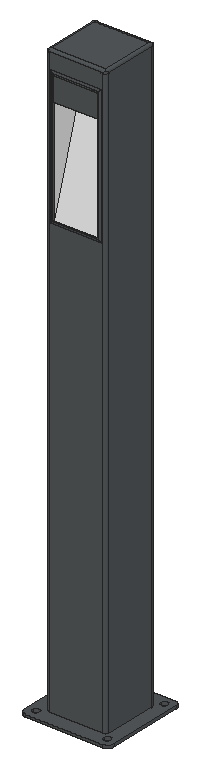
Revit family "svetilnik_alfresco_ar deko_dtu19", category Lighting Fixtures, Revit 2016 (continued)
Definition of nested family "Источник света Ар_Деко"
  Parameters (values of type "4")
             0.2       0.2       0.2       0.2\r\n       0.2       0.2       0.2       0.2       0.2       0.2       0.2       0.2\r\n       0.2       0.2       0.2       0.2       0.2       0.2       0.2       0.2\r\n       0.2       0.2       0.2       0.2       0.2       0.2       0.2       0.2\r\n       0.2       0.2       0.2       0.2       0.2       0.2       0.2       0.2\r\n       0.2       0.2       0.2       0.2       0.2       0.2       0.2       0.2\r\n       0.2       0.2       0.2       0.2       0.2       0.2       0.2       0.2\r\n       0.2       0.2       0.2       0.2       0.2       0.2       0.2       0.2\r\n       0.2       0.2       0.2       0.1       0.1       0.1       0.0       0.0\r\n       0.0       0.0       0.0       0.0       0.0\r\n       0.0       0.0       0.0       0.1       0.1       0.1       0.1       0.1\r\n       0.2       0.2       0.2       0.2       0.2       0.2       0.2       0.2\r\n       0.2       0.2       0.2       0.2       0.2       0.2       0.2       0.2\r\n       0.2       0.2       0.2       0.2       0.2       0.2       0.2       0.2\r\n       0.2       0.2       0.2       0.2       0.2       0.2       0.2       0.2\r\n       0.2       0.2       0.2       0.2       0.2       0.2       0.2       0.2\r\n       0.2       0.2       0.2       0.2       0.2       0.2       0.2       0.2\r\n       0.2       0.2       0.2       0.2       0.2       0.2       0.2       0.2\r\n       0.2       0.2       0.2       0.2       0.2       0.2       0.2       0.2\r\n       0.2       0.2       0.2       0.2       0.2       0.2       0.2       0.2\r\n       0.2       0.2       0.2       0.2       0.2       0.2       0.2       0.2\r\n       0.2       0.2       0.2       0.2       0.2       0.2       0.2       0.2\r\n       0.2       0.2       0.2       0.2       0.2       0.2       0.2       0.2\r\n       0.2       0.2       0.2       0.2       0.2       0.2       0.2       0.2\r\n       0.2       0.2       0.2       0.2       0.2       0.2       0.2       0.2\r\n       0.2       0.2       0.2       0.2       0.2       0.2       0.2       0.2\r\n       0.2       0.2       0.2       0.2       0.2       0.2       0.2       0.2\r\n       0.2       0.2       0.2       0.2       0.2       0.2       0.2       0.2\r\n       0.2       0.2       0.2       0.2       0.2       0.2       0.2       0.2\r\n       0.2       0.2       0.2       0.2       0.2       0.2       0.2       0.2\r\n       0.2       0.2       0.2       0.2       0.2       0.2       0.2       0.2\r\n       0.2       0.2       0.2       0.1       0.1       0.1       0.0       0.0\r\n       0.0       0.0       0.0       0.0       0.0\r\n       0.0       0.0       0.0       0.1       0.1       0.1       0.1       0.1\r\n       0.2       0.2       0.2       0.2       0.2       0.2       0.2       0.2\r\n       0.2       0.2       0.2       0.2       0.2       0.2       0.2       0.2\r\n       0.2       0.2       0.2       0.2       0.2       0.2       0.2       0.2\r\n       0.2       0.2       0.2       0.2       0.2       0.2       0.2       0.2\r\n       0.2       0.2       0.2       0.2       0.2       0.2       0.2       0.2\r\n       0.2       0.2       0.2       0.2       0.2       0.2       0.2       0.2\r\n       0.2       0.2       0.2       0.2       0.2       0.2       0.2       0.2\r\n       0.2       0.2       0.2       0.2       0.2       0.2       0.2       0.2\r\n       0.2       0.2       0.3       0.3       0.2       0.2       0.2       0.2\r\n       0.2       0.2       0.2       0.2       0.2       0.2       0.2       0.2\r\n       0.2       0.2       0.2       0.2       0.2       0.2       0.2       0.2\r\n       0.2       0.2       0.2       0.2       0.2       0.2       0.2       0.2\r\n       0.2       0.2       0.2       0.2       0.2       0.2       0.2       0.2\r\n       0.2       0.2       0.2       0.2       0.2       0.2       0.2       0.2\r\n       0.2       0.2       0.2       0.2       0.2       0.2       0.2       0.2\r\n       0.2       0.2       0.2       0.2       0.2       0.2       0.2       0.2\r\n       0.2       0.2       0.2       0.2       0.2       0.2       0.2       0.2\r\n       0.2       0.2       0.2       0.2       0.2       0.2       0.2       0.2\r\n       0.2       0.2       0.2       0.2       0.2       0.2       0.2       0.2\r\n       0.2       0.2       0.2       0.2       0.2       0.2       0.2       0.2\r\n       0.2       0.2       0.2       0.1       0.1       0.1       0.0       0.0\r\n       0.0       0.0       0.0       0.0       0.0\r\n       0.0       0.0       0.0       0.1       0.1       0.1       0.1       0.1\r\n       0.2       0.2       0.2       0.2       0.2       0.2       0.2       0.2\r\n       0.2       0.2       0.2       0.2       0.2       0.2       0.2       0.2\r\n       0.2       0.2       0.2       0.2       0.2       0.2       0.2       0.2\r\n       0.2       0.2       0.2       0.2       0.2       0.2       0.2       0.2\r\n       0.2       0.2       0.2       0.2       0.2       0.2       0.2       0.2\r\n       0.2       0.2       0.2       0.2       0.2       0.2       0.2       0.2\r\n       0.2       0.2       0.2       0.2       0.2       0.2       0.2       0.2\r\n       0.2       0.2       0.2       0.2       0.2       0.2       0.2       0.2\r\n       0.2       0.2       0.2       0.2       0.2       0.2       0.2       0.2\r\n       0.2       0.2       0.2       0.2       0.2       0.2       0.2       0.2\r\n       0.2       0.2       0.2       0.2       0.2       0.2       0.2       0.2\r\n       0.2       0.2       0.2       0.2       0.2       0.2       0.2       0.2\r\n       0.2       0.2       0.2       0.2       0.2       0.2       0.2       0.2\r\n       0.2       0.2       0.2       0.2       0.2       0.2       0.2       0.2\r\n       0.2       0.2       0.2       0.2       0.2       0.2       0.2       0.2\r\n       0.2       0.2       0.2       0.2       0.2       0.2       0.2       0.2\r\n       0.2       0.2       0.2       0.2       0.2       0.2       0.2       0.2\r\n       0.2       0.2       0.2       0.2       0.2       0.2       0.2       0.2\r\n       0.2       0.2       0.2       0.2       0.2       0.2       0.2       0.2\r\n       0.2       0.2       0.2       0.2       0.2       0.2       0.2       0.2\r\n       0.2       0.2       0.2       0.1       0.1       0.1       0.0       0.0\r\n       0.0       0.0       0.0       0.0       0.0\r\n       0.0       0.0       0.1       0.1       0.1       0.1       0.1       0.1\r\n       0.2       0.2       0.2       0.2       0.2       0.2       0.2       0.2\r\n       0.2       0.2       0.2       0.2       0.2       0.2       0.2       0.2\r\n       0.2       0.2       0.2       0.2       0.2       0.2       0.2       0.2\r\n       0.2       0.2       0.2       0.2       0.2       0.2       0.2       0.2\r\n       0.2       0.2       0.2       0.2       0.2       0.2       0.2       0.2\r\n       0.2       0.2       0.2       0.2       0.2       0.2       0.2       0.2\r\n       0.2       0.2       0.2       0.2       0.2       0.2       0.2       0.2\r\n       0.2       0.2       0.2       0.2       0.2       0.2       0.2       0.2\r\n       0.2       0.2       0.2       0.2       0.2       0.2       0.2       0.2\r\n       0.2       0.2       0.2       0.2       0.2       0.2       0.2       0.2\r\n       0.2       0.2       0.2       0.2       0.2       0.2       0.2       0.2\r\n       0.2       0.2       0.2       0.2       0.2       0.2       0.2       0.2\r\n       0.2       0.2       0.2       0.2       0.2       0.2       0.2       0.2\r\n       0.2       0.2       0.2       0.2       0.2       0.2       0.2       0.2\r\n       0.2       0.2       0.2       0.2       0.2       0.2       0.2       0.2\r\n       0.2       0.2       0.2       0.2       0.2       0.2       0.2       0.2\r\n       0.2       0.2       0.2       0.2       0.2       0.2       0.2       0.2\r\n       0.2       0.2       0.2       0.2       0.2       0.2       0.2       0.2\r\n       0.2       0.2       0.2       0.2       0.2       0.2       0.2       0.2\r\n       0.2       0.2       0.2       0.2       0.2       0.2       0.2       0.2\r\n       0.2       0.2       0.2       0.1       0.1       0.1       0.0       0.0\r\n       0.0       0.0       0.0       0.0       0.0\r\n       0.0       0.0       0.1       0.1       0.1       0.1       0.1       0.1\r\n       0.2       0.2       0.2       0.2       0.2       0.2       0.2       0.2\r\n       0.2       0.2       0.2       0.2       0.2       0.2       0.2       0.2\r\n       0.2       0.2       0.2       0.2       0.2       0.2       0.2       0.2\r\n       0.2       0.2       0.2       0.2       0.2       0.2       0.2       0.2\r\n       0.2       0.2       0.2       0.2       0.2       0.2       0.2       0.2\r\n       0.2       0.2       0.2       0.2       0.2       0.2       0.2       0.2\r\n       0.2       0.2       0.2       0.2       0.2       0.2       0.2       0.2\r\n       0.2       0.2       0.2       0.2       0.2       0.2       0.2       0.2\r\n       0.2       0.2       0.2       0.2       0.2       0.2       0.2       0.2\r\n       0.2       0.2       0.2       0.2       0.2       0.2       0.2       0.2\r\n       0.2       0.2       0.2       0.2       0.2       0.2       0.2       0.2\r\n       0.2       0.2       0.2       0.2       0.2       0.2       0.2       0.2\r\n       0.2       0.2       0.2       0.2       0.2       0.2       0.2       0.2\r\n       0.2       0.2       0.2       0.2       0.2       0.2       0.2       0.2\r\n       0.2       0.2       0.2       0.2       0.2       0.2       0.2       0.2\r\n       0.2       0.2       0.2       0.2       0.2       0.2       0.2       0.2\r\n       0.2       0.2       0.2       0.2       0.2       0.2       0.2       0.2\r\n       0.2       0.2       0.2       0.2       0.2       0.2       0.2       0.2\r\n       0.2       0.2       0.2       0.2       0.2       0.2       0.2       0.2\r\n       0.2       0.2       0.2       0.2       0.2       0.2       0.2       0.2\r\n       0.2       0.2       0.2       0.1       0.1       0.1       0.0       0.0\r\n       0.0       0.0       0.0       0.0       0.0\r\n       0.0       0.0       0.1       0.1       0.1       0.1       0.1       0.1\r\n       0.2       0.2       0.2       0.2       0.2       0.2       0.2       0.2\r\n       0.2       0.2       0.2       0.2       0.2       0.2       0.2       0.2\r\n       0.2       0.2       0.2       0.2       0.2       0.2       0.2       0.2\r\n       0.2       0.2       0.2       0.2       0.2       0.2       0.2       0.2\r\n       0.2       0.2       0.2       0.2       0.2       0.2       0.2       0.2\r\n       0.2       0.2       0.2       0.2       0.2       0.2       0.2       0.2\r\n       0.2       0.2       0.2       0.2       0.2       0.2       0.2       0.2\r\n       0.2       0.2       0.2       0.2       0.2       0.2       0.2       0.2\r\n       0.2       0.2       0.2       0.2       0.2       0.2       0.2       0.2\r\n       0.2       0.2       0.2       0.2       0.2       0.2       0.2       0.2\r\n       0.2       0.2       0.2       0.2       0.3       0.2       0.2       0.2\r\n       0.2       0.2       0.2       0.2       0.2       0.3       0.2       0.2\r\n       0.2       0.2       0.2       0.2       0.2       0.2       0.2       0.2\r\n       0.2       0.2       0.2       0.2       0.2       0.2       0.2       0.2\r\n       0.2       0.2       0.2       0.2       0.2       0.2       0.2       0.2\r\n       0.2       0.2       0.2       0.2       0.2       0.2       0.2       0.2\r\n       0.2       0.2       0.2       0.2       0.2       0.2       0.2       0.2\r\n       0.2       0.2       0.2       0.2       0.2       0.2       0.2       0.2\r\n       0.2       0.2       0.2       0.2       0.2       0.2       0.2       0.2\r\n       0.2       0.2       0.2       0.2       0.2       0.2       0.2       0.2\r\n       0.2       0.2       0.2       0.1       0.1       0.1       0.0       0.0\r\n       0.0       0.0       0.0       0.0       0.0\r\n       0.0       0.0       0.1       0.1       0.1       0.1       0.1       0.1\r\n       0.2       0.2       0.2       0.2       0.2       0.2       0.2       0.2\r\n       0.2       0.2       0.2       0.2       0.2       0.2       0.2       0.2\r\n       0.2       0.2       0.2       0.2       0.2       0.2       0.2       0.2\r\n       0.2       0.2       0.2       0.2       0.2       0.2       0.2       0.2\r\n       0.3       0.3       0.2       0.2       0.2       0.2       0.2       0.2\r\n       0.2       0.2       0.2       0.2       0.2       0.2       0.2       0.2\r\n       0.2       0.2       0.2       0.2       0.2       0.2       0.2       0.2\r\n       0.2       0.2       0.2       0.2       0.2       0.2       0.2       0.2\r\n       0.2       0.2       0.2       0.2       0.2       0.2       0.2       0.2\r\n       0.2       0.2       0.2       0.2       0.2       0.2       0.2       0.2\r\n       0.2       0.2       0.2       0.2       0.2       0.2       0.2       0.2\r\n       0.2       0.2       0.2       0.2       0.2       0.2       0.2       0.2\r\n       0.2       0.2       0.2       0.2       0.2       0.2       0.2       0.2\r\n       0.2       0.2       0.2       0.2       0.2       0.2       0.2       0.2\r\n       0.2       0.2       0.2       0.2       0.2       0.2       0.2       0.2\r\n       0.2       0.2       0.2       0.2       0.2       0.2       0.2       0.2\r\n       0.2       0.2       0.2       0.2       0.2       0.2       0.2       0.2\r\n       0.2       0.2       0.2       0.2       0.2       0.2       0.2       0.2\r\n       0.2       0.2       0.2       0.2       0.2       0.2       0.2       0.2\r\n       0.2       0.2       0.2       0.2       0.2       0.2       0.2       0.2\r\n       0.2       0.2       0.2       0.1       0.1       0.1       0.0       0.0\r\n       0.0       0.0       0.0       0.0       0.0\r\n       0.0       0.0       0.1       0.1       0.1       0.1       0.1       0.1\r\n       0.2       0.2       0.2       0.2       0.2       0.2       0.2       0.2\r\n       0.2       0.2       0.2       0.2       0.2       0.2       0.2       0.2\r\n       0.2       0.2       0.2       0.2       0.2       0.2       0.2       0.2\r\n       0.2       0.2       0.2       0.2       0.2       0.2       0.2       0.2\r\n       0.3       0.3       0.2       0.2       0.2       0.2       0.2       0.2\r\n       0.2       0.2       0.2       0.2       0.2       0.2       0.2       0.2\r\n       0.2       0.2       0.2       0.2       0.2       0.2       0.2       0.2\r\n       0.2       0.2       0.2       0.2       0.2       0.2       0.2       0.2\r\n       0.2       0.2       0.2       0.2       0.2       0.2       0.2       0.2\r\n       0.2       0.2       0.2       0.2       0.2       0.2       0.2       0.2\r\n       0.2       0.2       0.2       0.2       0.2       0.2       0.2       0.2\r\n       0.2       0.2       0.2       0.2       0.2       0.2       0.2       0.2\r\n       0.2       0.2       0.2       0.2       0.2       0.2       0.2       0.2\r\n       0.2       0.2       0.2       0.2       0.2       0.2       0.2       0.2\r\n       0.2       0.2       0.2       0.2       0.2       0.2       0.2       0.2\r\n       0.2       0.2       0.2       0.2       0.2       0.2       0.2       0.2\r\n       0.2       0.2       0.2       0.2       0.2       0.2       0.2       0.2\r\n       0.2       0.2       0.2       0.2       0.2       0.2       0.2       0.2\r\n       0.2       0.2       0.2       0.2       0.2       0.2       0.2       0.2\r\n       0.2       0.2       0.2       0.2       0.2       0.2       0.2       0.2\r\n       0.2       0.2       0.2       0.1       0.1       0.1       0.0       0.0\r\n       0.0       0.0       0.0       0.0       0.0\r\n       0.0       0.0       0.1       0.1       0.1       0.1       0.1       0.1\r\n       0.2       0.2       0.2       0.2       0.2       0.2       0.2       0.2\r\n       0.2       0.2       0.2       0.2       0.2       0.2       0.2       0.2\r\n       0.2       0.2       0.2       0.2       0.2       0.2       0.2       0.2\r\n       0.2       0.2       0.2       0.2       0.2       0.2       0.2    
         0.2\r\n       0.2       0.2       0.2       0.2       0.2       0.2       0.2       0.2\r\n       0.2       0.2       0.2       0.2       0.2       0.2       0.2       0.2\r\n       0.2       0.2       0.2       0.2       0.2       0.2       0.2       0.2\r\n       0.2       0.2       0.2       0.2       0.2       0.2       0.2       0.2\r\n       0.2       0.2       0.2       0.2       0.2       0.2       0.2       0.2\r\n       0.2       0.2       0.2       0.2       0.2       0.2       0.2       0.2\r\n       0.2       0.2       0.2       0.2       0.2       0.2       0.2       0.2\r\n       0.2       0.2       0.2       0.2       0.2       0.2       0.2       0.2\r\n       0.2       0.2       0.2       0.2       0.2       0.2       0.2       0.2\r\n       0.2       0.2       0.2       0.2       0.2       0.2       0.2       0.2\r\n       0.2       0.2       0.2       0.2       0.2       0.2       0.2       0.2\r\n       0.2       0.2       0.2       0.2       0.2       0.2       0.2       0.2\r\n       0.2       0.2       0.2       0.2       0.2       0.2       0.2       0.2\r\n       0.2       0.2       0.2       0.2       0.2       0.2       0.2       0.2\r\n       0.2       0.2       0.2       0.2       0.2       0.2       0.2       0.2\r\n       0.2       0.2       0.2       0.2       0.2       0.2       0.2       0.2\r\n       0.2       0.2       0.2       0.1       0.1       0.1       0.0       0.0\r\n       0.0       0.0       0.0       0.0       0.0\r\n       0.0       0.0       0.1       0.1       0.1       0.1       0.1       0.1\r\n       0.2       0.2       0.2       0.2       0.2       0.2       0.2       0.2\r\n       0.2       0.2       0.2       0.2       0.2       0.2       0.2       0.2\r\n       0.2       0.2       0.2       0.2       0.2       0.2       0.2       0.2\r\n       0.2       0.2       0.2       0.2       0.2       0.2       0.2       0.2\r\n       0.2       0.2       0.2       0.2       0.2       0.2       0.2       0.2\r\n       0.2       0.2       0.2       0.2       0.2       0.2       0.2       0.2\r\n       0.2       0.2       0.2       0.2       0.2       0.2       0.2       0.2\r\n       0.2       0.2       0.2       0.2       0.2       0.2       0.2       0.2\r\n       0.2       0.2       0.2       0.2       0.2       0.2       0.2       0.2\r\n       0.2       0.2       0.2       0.2       0.2       0.2       0.2       0.2\r\n       0.2       0.2       0.2       0.2       0.2       0.2       0.2       0.2\r\n       0.2       0.2       0.2       0.2       0.2       0.2       0.2       0.2\r\n       0.2       0.2       0.2       0.2       0.2       0.2       0.2       0.2\r\n       0.2       0.2       0.2       0.2       0.2       0.2       0.2       0.2\r\n       0.2       0.2       0.2       0.2       0.2       0.2       0.2       0.2\r\n       0.2       0.2       0.2       0.2       0.2       0.2       0.2       0.2\r\n       0.2       0.2       0.2       0.2       0.2       0.2       0.2       0.2\r\n       0.2       0.2       0.2       0.2       0.2       0.2       0.2       0.2\r\n       0.2       0.2       0.2       0.2       0.2       0.2       0.2       0.2\r\n       0.2       0.2       0.2       0.2       0.2       0.2       0.2       0.2\r\n       0.2       0.2       0.2       0.1       0.1       0.1       0.0       0.0\r\n       0.0       0.0       0.0       0.0       0.0\r\n       0.0       0.0       0.1       0.1       0.1       0.1       0.1       0.1\r\n       0.2       0.2       0.2       0.2       0.2       0.2       0.2       0.2\r\n       0.2       0.2       0.2       0.2       0.2       0.2       0.2       0.2\r\n       0.2       0.2       0.2       0.2       0.2       0.2       0.2       0.2\r\n       0.2       0.2       0.2       0.2       0.2       0.2       0.2       0.2\r\n       0.2       0.2       0.2       0.2       0.2       0.2       0.2       0.2\r\n       0.2       0.2       0.2       0.2       0.2       0.2       0.2       0.2\r\n       0.2       0.2       0.2       0.2       0.2       0.2       0.2       0.2\r\n       0.2       0.2       0.2       0.2       0.2       0.2       0.2       0.2\r\n       0.2       0.2       0.2       0.2       0.2       0.2       0.2       0.2\r\n       0.2       0.2       0.2       0.2       0.2       0.2       0.2       0.2\r\n       0.2       0.2       0.2       0.2       0.2       0.2       0.2       0.2\r\n       0.2       0.2       0.2       0.2       0.2       0.2       0.2       0.2\r\n       0.2       0.2       0.2       0.2       0.2       0.2       0.2       0.2\r\n       0.2       0.2       0.2       0.2       0.2       0.2       0.2       0.2\r\n       0.2       0.2       0.2       0.2       0.2       0.2       0.2       0.2\r\n       0.2       0.2       0.2       0.2       0.2       0.2       0.2       0.2\r\n       0.2       0.2       0.2       0.2       0.2       0.2       0.2       0.2\r\n       0.2       0.2       0.2       0.2       0.2       0.2       0.2       0.2\r\n       0.2       0.2       0.2       0.2       0.2       0.2       0.2       0.2\r\n       0.2       0.2       0.2       0.2       0.2       0.2       0.2       0.2\r\n       0.2       0.2       0.2       0.1       0.1       0.1       0.0       0.0\r\n       0.0       0.0       0.0       0.0       0.0\r\n       0.0       0.0       0.1       0.1       0.1       0.1       0.1       0.1\r\n       0.2       0.2       0.2       0.2       0.2       0.2       0.2       0.2\r\n       0.2       0.2       0.2       0.2       0.2       0.2       0.2       0.2\r\n       0.2       0.2       0.2       0.2       0.2       0.2       0.2       0.2\r\n       0.2       0.2       0.2       0.2       0.2       0.2       0.2       0.2\r\n       0.2       0.2       0.2       0.2       0.2       0.2       0.2       0.2\r\n       0.2       0.2       0.2       0.2       0.2       0.2       0.2       0.2\r\n       0.2       0.2       0.2       0.2       0.2       0.2       0.2       0.2\r\n       0.2       0.2       0.2       0.2       0.2       0.2       0.2       0.2\r\n       0.2       0.2       0.2       0.2       0.2       0.2       0.2       0.2\r\n       0.2       0.2       0.2       0.2       0.2       0.2       0.2       0.2\r\n       0.2       0.2       0.2       0.2       0.2       0.2       0.2       0.2\r\n       0.2       0.2       0.2       0.2       0.2       0.2       0.2       0.2\r\n       0.2       0.2       0.2       0.2       0.2       0.2       0.2       0.2\r\n       0.2       0.2       0.2       0.2       0.2       0.2       0.2       0.2\r\n       0.2       0.2       0.2       0.2       0.2       0.2       0.2       0.2\r\n       0.2       0.2       0.2       0.2       0.2       0.2       0.2       0.2\r\n       0.2       0.2       0.2       0.2       0.2       0.2       0.2       0.2\r\n       0.2       0.2       0.2       0.2       0.2       0.2       0.2       0.2\r\n       0.2       0.2       0.2       0.2       0.2       0.2       0.2       0.2\r\n       0.2       0.2       0.2       0.2       0.2       0.2       0.2       0.2\r\n       0.2       0.2       0.2       0.1       0.1       0.1       0.0       0.0\r\n       0.0       0.0       0.0       0.0       0.0\r\n       0.0       0.0       0.1       0.1       0.1       0.1       0.1       0.1\r\n       0.2       0.2       0.2       0.2       0.2       0.2       0.2       0.2\r\n       0.2       0.2       0.2       0.2       0.2       0.2       0.2       0.2\r\n       0.2       0.2       0.2       0.2       0.2       0.2       0.2       0.2\r\n       0.2       0.2       0.2       0.2       0.2       0.2       0.2       0.2\r\n       0.2       0.2       0.2       0.2       0.2       0.2       0.2       0.2\r\n       0.2       0.2       0.2       0.2       0.2       0.2       0.2       0.2\r\n       0.2       0.2       0.2       0.2       0.2       0.2       0.2       0.2\r\n       0.2       0.2       0.2       0.2       0.2       0.2       0.2       0.2\r\n       0.2       0.2       0.2       0.2       0.2       0.2       0.3       0.2\r\n       0.2       0.2       0.2       0.2       0.2       0.2       0.2       0.2\r\n       0.2       0.2       0.2       0.2       0.2       0.2       0.2       0.2\r\n       0.2       0.2       0.2       0.2       0.2       0.2       0.2       0.2\r\n       0.2       0.2       0.2       0.2       0.2       0.2       0.2       0.2\r\n       0.2       0.2       0.2       0.2       0.2       0.2       0.2       0.2\r\n       0.2       0.2       0.2       0.2       0.2       0.2       0.2       0.2\r\n       0.2       0.2       0.2       0.2       0.2       0.2       0.2       0.2\r\n       0.2       0.2       0.2       0.2       0.2       0.2       0.2       0.2\r\n       0.2       0.2       0.2       0.2       0.2       0.2       0.2       0.2\r\n       0.2       0.2       0.2       0.2       0.2       0.2       0.2       0.2\r\n       0.2       0.2       0.2       0.2       0.2       0.2       0.2       0.2\r\n       0.2       0.2       0.2       0.1       0.1       0.1       0.0       0.0\r\n       0.0       0.0       0.0       0.0       0.0\r\n       0.0       0.0       0.1       0.1       0.1       0.1       0.1       0.1\r\n       0.2       0.2       0.2       0.2       0.2       0.2       0.2       0.2\r\n       0.2       0.2       0.2       0.2       0.2       0.2       0.2       0.2\r\n       0.2       0.2       0.2       0.2       0.2       0.2       0.2       0.2\r\n       0.2       0.2       0.2       0.2       0.2       0.2       0.2       0.2\r\n       0.2       0.2       0.2       0.2       0.2       0.2       0.2       0.2\r\n       0.2       0.2       0.2       0.2       0.2       0.2       0.2       0.2\r\n       0.2       0.2       0.2       0.2       0.2       0.2       0.2       0.2\r\n       0.2       0.2       0.2       0.2       0.2       0.2       0.2       0.2\r\n       0.2       0.2       0.2       0.2       0.2       0.2       0.2       0.2\r\n       0.2       0.2       0.2       0.2       0.2       0.2       0.2       0.2\r\n       0.2       0.2       0.2       0.2       0.2       0.2       0.2       0.2\r\n       0.2       0.2       0.2       0.2       0.2       0.2       0.2       0.2\r\n       0.2       0.2       0.2       0.2       0.2       0.2       0.2       0.2\r\n       0.2       0.2       0.2       0.2       0.2       0.2       0.2       0.2\r\n       0.2       0.2       0.2       0.2       0.2       0.2       0.2       0.2\r\n       0.2       0.2       0.2       0.2       0.2       0.2       0.2       0.2\r\n       0.2       0.2       0.2       0.2       0.2       0.2       0.2       0.2\r\n       0.2       0.2       0.2       0.2       0.2       0.2       0.2       0.2\r\n       0.2       0.2       0.2       0.2       0.2       0.2       0.2       0.2\r\n       0.2       0.2       0.2       0.2       0.2       0.2       0.2       0.2\r\n       0.2       0.2       0.2       0.1       0.1       0.1       0.0       0.0\r\n       0.0       0.0       0.0       0.0       0.0\r\n       0.0       0.0       0.1       0.1       0.1       0.1       0.1       0.1\r\n       0.2       0.2       0.2       0.2       0.2       0.2       0.2       0.2\r\n       0.2       0.2       0.2       0.2       0.2       0.2       0.2       0.2\r\n       0.2       0.2       0.2       0.2       0.2       0.2       0.2       0.2\r\n       0.2       0.2       0.2       0.2       0.2       0.2       0.2       0.2\r\n       0.2       0.2       0.2       0.2       0.2       0.2       0.2       0.2\r\n       0.2       0.2       0.2       0.2       0.2       0.2       0.2       0.2\r\n       0.2       0.2       0.2       0.2       0.2       0.2       0.2       0.2\r\n       0.2       0.2       0.2       0.2       0.2       0.2       0.2       0.2\r\n       0.2       0.2       0.2       0.2       0.2       0.2       0.2       0.2\r\n       0.2       0.2       0.2       0.2       0.2       0.2       0.2       0.2\r\n       0.2       0.2       0.2       0.2       0.2       0.2       0.2       0.2\r\n       0.2       0.2       0.2       0.2       0.2       0.2       0.2       0.2\r\n       0.2       0.2       0.2       0.2       0.2       0.2       0.2       0.2\r\n       0.2       0.2       0.2       0.2       0.2       0.2       0.2       0.2\r\n       0.2       0.2       0.2       0.2       0.2       0.2       0.2       0.2\r\n       0.2       0.2       0.2       0.2       0.2       0.2       0.2       0.2\r\n       0.2       0.2       0.2       0.2       0.2       0.2       0.2       0.2\r\n       0.2       0.2       0.2       0.2       0.2       0.2       0.2       0.2\r\n       0.2       0.2       0.2       0.2       0.2       0.2       0.2       0.2\r\n       0.2       0.2       0.2       0.2       0.2       0.2       0.2       0.2\r\n       0.2       0.2       0.2       0.1       0.1       0.1       0.0       0.0\r\n       0.0       0.0       0.0       0.0       0.0\r\n       0.0       0.0       0.1       0.1       0.1       0.1       0.1       0.1\r\n       0.2       0.2       0.2       0.2       0.2       0.2       0.2       0.2\r\n       0.2       0.2       0.2       0.2       0.2       0.2       0.2       0.2\r\n       0.2       0.2       0.2       0.2       0.2       0.2       0.2       0.2\r\n       0.2       0.2       0.2       0.2       0.2       0.2       0.2       0.2\r\n       0.2       0.2       0.2       0.2       0.2       0.2       0.2       0.2\r\n       0.2       0.2       0.2       0.2       0.2       0.2       0.2       0.2\r\n       0.2       0.2       0.2       0.2       0.2       0.2       0.2       0.2\r\n       0.2       0.2       0.2       0.2       0.2       0.2       0.2       0.2\r\n       0.2       0.2       0.2       0.2       0.2       0.2       0.2       0.2\r\n       0.2       0.2       0.2       0.2       0.2       0.2       0.2       0.2\r\n       0.2       0.2       0.2       0.2       0.2       0.2       0.2       0.2\r\n       0.2       0.2       0.2       0.2       0.2       0.2       0.2       0.2\r\n       0.2       0.2       0.2       0.2       0.2       0.2       0.2       0.2\r\n       0.2       0.2       0.2       0.2       0.2       0.2       0.2       0.2\r\n       0.2       0.2       0.2       0.2       0.2       0.2       0.2       0.2\r\n       0.2       0.2       0.2       0.2       0.2       0.2       0.2       0.2\r\n       0.2       0.2       0.2       0.2       0.2       0.2       0.2       0.2\r\n       0.2       0.2       0.2       0.2       0.2       0.2       0.2       0.2\r\n       0.2       0.2       0.2       0.2       0.2       0.2       0.2       0.2\r\n       0.2       0.2       0.2       0.2       0.2       0.2       0.2       0.2\r\n       0.2       0.2       0.2       0.1       0.1       0.1       0.0       0.0\r\n       0.0       0.0       0.0       0.0       0.0\r\n       0.0       0.0       0.2       0.1       0.1       0.1       0.1       0.1\r\n       0.2       0.2       0.2       0.2       0.2       0.2       0.2       0.2\r\n       0.2       0.2       0.2       0.2       0.2       0.2       0.2       0.2\r\n       0.2       0.2       0.2       0.2       0.2       0.2       0.2       0.2\r\n       0.2       0.2       0.2       0.2       0.2       0.2       0.2       0.2\r\n       0.2       0.2       0.2       0.2       0.2       0.2       0.2       0.2\r\n       0.2       0.2       0.2       0.2       0.2       0.2       0.2       0.2\r\n       0.2       0.2       0.2       0.2       0.2       0.2       0.2       0.2\r\n       0.2       0.2       0.2       0.2       0.2       0.2       0.2       0.2\r\n       0.2       0.2       0.2       0.2       0.2       0.2       0.2       0.2\r\n       0.2       0.2       0.2       0.2       0.2       0.2       0.2       0.2\r\n       0.2       0.2       0.2       0.2       0.2       0.2       0.2       0.2\r\n       0.2       0.2       0.2       0.2       0.2       0.2       0.2       0.2\r\n       0.2       0.2       0.2       0.2       0.2       0.2       0.2       0.2\r\n       0.2       0.2       0.2       0.2       0.2       0.2       0.2       0.2\r\n       0.2       0.2       0.2       0.2       0.2       0.2       0.2       0.2\r\n       0.2       0.2       0.2       0.2       0.2       0.2       0.2       0.2\r\n       0.2       0.2       0.2       0.2       0.2       0.2       0.2       0.2\r\n       0.2       0.2       0.2       0.2       0.2       0.2       0.2       0
